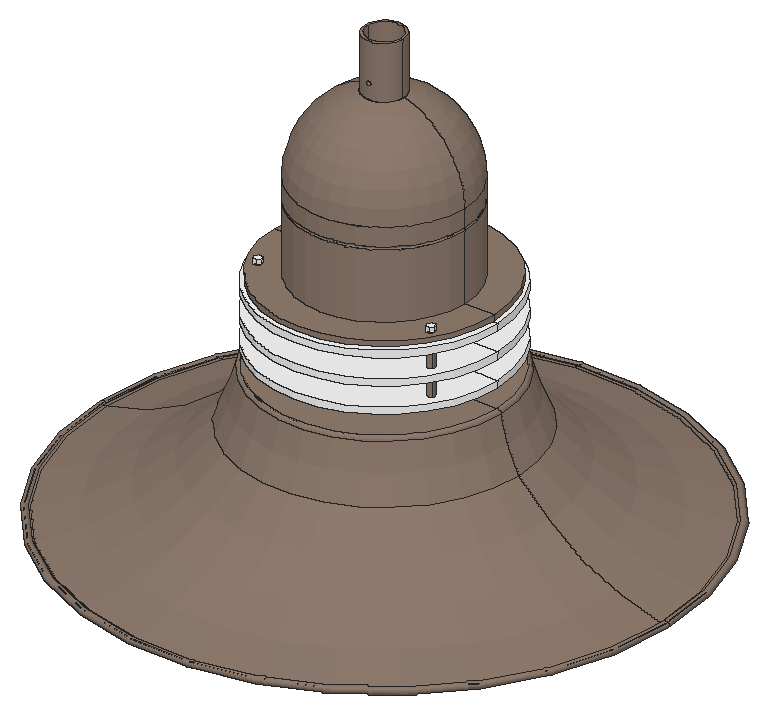
Revit family "BVF3006-H", category Generic Models, Revit 2014
Parameters
  GLASS = Glass
  FINS = Acrylic
  DETAIL 2 = Aluminum 6061-O
  DETAIL = Bronze, Architectural
  BELL = Bronze, Architectural
Reference planes (in)
  plane 1 "Center (Front/Back)": y = 0
  plane 2: z = 0
  plane 3 "Center (Left/Right)": x = 0
Forms (in)
  Revolve 1, solid, material "Bronze, Architectural" <- "BELL"
    sketch origin (0.00187, 0, 0) x (1, 0, 0) y (0, 0, 1)
      loop
        line (-0.69, 20.24004) -> (-1.0625, 20.24004)
        arc (-1.0625, 20.24004) -> (-3.35992, 18.72758) -> (-4.25, 16.125) r 4.25
        line (-4.25, 16.125) -> (-4.25, 15.1875)
        arc (-4.25, 15.1875) -> (-4.21143, 15.125) -> (-4.25, 15.0625) r 0.06992
        line (-4.25, 15.0625) -> (-4.25, 11.625) -> (-5.8125, 11.625) -> (-5.8125, 11.375) -> (-4.125, 11.375) -> (-4.125, 15.0086)
        arc (-4.125, 15.0086) -> (-4.08643, 15.125) -> (-4.125, 15.2414) r 0.19492
        line (-4.125, 15.2414) -> (-4.125, 16.125)
        arc (-4.125, 16.125) -> (-3.26592, 18.6448) -> (-1.0465, 20.11504) r 4.125
        line (-1.0465, 20.11504) -> (-0.69, 20.11504) -> (-0.69, 20.24004)
      axis (0, 20.24004) -> (0, 11.375)
    angle from 0 to 360
  Revolve 2, solid, material "Bronze, Architectural" <- "BELL"
    sketch origin (0.00187, 0, 0) x (1, 0, 0) y (0, 0, 1)
      loop
        line (-4.02812, 7.125) -> (-3.90312, 7.125) -> (-3.90312, 11.625) -> (-4.125, 11.625) -> (-4.125, 11.375) -> (-4.02812, 11.375) -> (-4.02812, 7.125)
      axis (0, 11.625) -> (0, 7.125)
    angle from 0 to 360
  Revolve 3, solid, material "Acrylic" <- "FINS"
    sketch origin (0.00187, 0, 0) x (1, 0, 0) y (0, 0, 1)
      loop
        line (-6, 11.28125) -> (-6, 10.9375) -> (-4.02812, 10.9375) -> (-4.02812, 11.28125) -> (-6, 11.28125)
      loop
        line (-6, 9.9375) -> (-6, 9.59375) -> (-4.02812, 9.59375) -> (-4.02812, 9.9375) -> (-6, 9.9375)
      loop
        line (-6, 8.59375) -> (-6, 8.25) -> (-4.02812, 8.25) -> (-4.02812, 8.59375) -> (-6, 8.59375)
      axis (0, 11.28125) -> (0, 8.25)
    angle from 0 to 360
  Revolve 4, solid, material "Bronze, Architectural" <- "DETAIL"
    sketch origin (0.00187, 0, 0) x (0.866025, 0.5, 0) y (0, 0, 1)
      loop
        line (-5.28051, 11.625) -> (-5.46801, 11.625) -> (-5.46801, 8.25) -> (-5.28051, 8.25) -> (-5.28051, 11.625)
      axis (-5.28051, 11.625) -> (-5.28051, 8.25)
    angle from 0 to 360
  Extrusion 5, solid, material "Aluminum 6061-O" <- "DETAIL 2"
    sketch origin (0.00187, 0, 0) x (0.866025, 0.5, 0) y (-0.5, 0.866025, 0)
      loop
        line (-5.09301, 0.10825) -> (-5.28051, 0.21651) -> (-5.46801, 0.10825) -> (-5.46801, -0.10825) -> (-5.28051, -0.21651) -> (-5.09301, -0.10825) -> (-5.09301, 0.10825)
    from 11.625 to 11.875
  Extrusion 6, solid, material "Aluminum 6061-O" <- "DETAIL 2"
    sketch origin (0.00187, 0, 0) x (0.866025, 0.5, 0) y (-0.5, 0.866025, 0)
      loop
        line (-5.09301, 0.10825) -> (-5.28051, 0.21651) -> (-5.46801, 0.10825) -> (-5.46801, -0.10825) -> (-5.28051, -0.21651) -> (-5.09301, -0.10825) -> (-5.09301, 0.10825)
    from 8.01314 to 8.25
  Revolve 7, solid, material "Bronze, Architectural" <- "DETAIL"
    sketch origin (0.00187, 0, 0) x (0, -1, 0) y (0, 0, 1)
      loop
        line (-5.28051, 11.625) -> (-5.46801, 11.625) -> (-5.46801, 8.25) -> (-5.28051, 8.25) -> (-5.28051, 11.625)
      axis (-5.28051, 11.625) -> (-5.28051, 8.25)
    angle from 0 to 360
  Extrusion 8, solid, material "Aluminum 6061-O" <- "DETAIL 2"
    sketch origin (0.00187, 0, 0) x (0, -1, 0) y (1, 0, 0)
      loop
        line (-5.09301, 0.10825) -> (-5.28051, 0.21651) -> (-5.46801, 0.10825) -> (-5.46801, -0.10825) -> (-5.28051, -0.21651) -> (-5.09301, -0.10825) -> (-5.09301, 0.10825)
    from 11.625 to 11.875
  Extrusion 9, solid, material "Aluminum 6061-O" <- "DETAIL 2"
    sketch origin (0.00187, 0, 0) x (0, -1, 0) y (1, 0, 0)
      loop
        line (-5.09301, 0.10825) -> (-5.28051, 0.21651) -> (-5.46801, 0.10825) -> (-5.46801, -0.10825) -> (-5.28051, -0.21651) -> (-5.09301, -0.10825) -> (-5.09301, 0.10825)
    from 8.01314 to 8.25
  Revolve 10, solid, material "Bronze, Architectural" <- "DETAIL"
    sketch origin (0.00187, 0, 0) x (-0.866025, 0.5, 0) y (0, 0, 1)
      loop
        line (-5.28051, 11.625) -> (-5.46801, 11.625) -> (-5.46801, 8.25) -> (-5.28051, 8.25) -> (-5.28051, 11.625)
      axis (-5.28051, 11.625) -> (-5.28051, 8.25)
    angle from 0 to 360
  Extrusion 11, solid, material "Aluminum 6061-O" <- "DETAIL 2"
    sketch origin (0.00187, 0, 0) x (-0.866025, 0.5, 0) y (-0.5, -0.866025, 0)
      loop
        line (-5.09301, 0.10825) -> (-5.28051, 0.21651) -> (-5.46801, 0.10825) -> (-5.46801, -0.10825) -> (-5.28051, -0.21651) -> (-5.09301, -0.10825) -> (-5.09301, 0.10825)
    from 11.625 to 11.875
  Extrusion 12, solid, material "Aluminum 6061-O" <- "DETAIL 2"
    sketch origin (0.00187, 0, 0) x (-0.866025, 0.5, 0) y (-0.5, -0.866025, 0)
      loop
        line (-5.09301, 0.10825) -> (-5.28051, 0.21651) -> (-5.46801, 0.10825) -> (-5.46801, -0.10825) -> (-5.28051, -0.21651) -> (-5.09301, -0.10825) -> (-5.09301, 0.10825)
    from 8.01314 to 8.25
  Revolve 13, solid, material "Bronze, Architectural" <- "BELL"
    sketch origin (0.00187, 0, 0) x (1, 0, 0) y (0, 0, 1)
      loop
        line (-1, 22.99004) -> (-1, 20.24004) -> (-0.875, 20.24004) -> (-0.875, 22.99004) -> (-1, 22.99004)
      axis (0, 22.99004) -> (0, 20.24004)
    angle from 0 to 360
  Extrusion 14, void
    sketch origin (0.00187, 0, 0) x (1, 0, 0) y (0, 0, 1)
      loop
        circle (0, 20.99004) r 0.12446
    from -1.03363 to 1.03523
  Revolve 15, solid, material "Bronze, Architectural" <- "BELL"
    sketch origin (0.00014, 0, -0.00054) x (1, 0, 0) y (0, 0, 1)
      loop
        arc (-5.96003, 7.25) -> (-6.08927, 7.19834) -> (-6.1473, 7.07183) r 0.1875
        arc (-6.1473, 7.07183) -> (-6.52869, 5.73864) -> (-7.10572, 4.47774) r 9.2194
        arc (-7.10572, 4.47774) -> (-10.47715, 1.64986) -> (-14.61725, 0.15885) r 12.55661
        arc (-14.61725, 0.15885) -> (-14.74655, 0.12051) -> (-14.88142, 0.11909) r 0.48713
        arc (-14.88142, 0.11909) -> (-14.90635, 0.17202) -> (-14.84784, 0.1724) r 0.03472
        line (-14.84784, 0.1724) -> (-14.74294, 0.24038)
        arc (-14.74294, 0.24038) -> (-15.01212, 0.23864) -> (-14.89742, -0.00488) r 0.15972
        arc (-14.89742, -0.00488) -> (-14.73639, -0.00431) -> (-14.58109, 0.03824) r 0.61213
        arc (-14.58109, 0.03824) -> (-10.403, 1.54832) -> (-7.00212, 4.40677) r 12.68161
        arc (-7.00212, 4.40677) -> (-6.4114, 5.69541) -> (-6.02241, 7.05858) r 9.3444
        arc (-6.02241, 7.05858) -> (-6.00559, 7.10529) -> (-5.96003, 7.125) r 0.0625
        line (-5.96003, 7.125) -> (-4.11509, 7.125) -> (-4.11509, 7.25) -> (-5.96003, 7.25)
      axis (0, 7.25) -> (0, -0.00488)
    angle from 0 to 360
  Revolve 16, solid, material "Glass" <- "GLASS"
    sketch origin (0.00014, 0, -0.00054) x (1, 0, 0) y (0, 0, 1)
      loop
        line (-8.36459, 0.18) -> (-8.36459, 0.055) -> (0, 0.055) -> (0, 0.18) -> (-8.36459, 0.18)
      axis (0, 0.18) -> (0, 0.055)
    angle from 0 to 360
  Revolve 17, solid, material "Bronze, Architectural" <- "BELL"
    sketch origin (0.00014, 0, -0.00054) x (1, 0, 0) y (0, 0, 1)
      loop
        line (-8.49009, 0.4925) -> (-9.67759, 0.4925) -> (-9.67759, 0.1175) -> (-8.61509, 0.1175) -> (-8.61509, -0.195) -> (-7.99009, -0.195) -> (-7.99009, 0.055) -> (-8.49009, 0.055) -> (-8.49009, 0.4925)
      axis (0, 0.4925) -> (0, -0.195)
    angle from 0 to 360
  Revolve 18, solid, material "Bronze, Architectural" <- "BELL"
    sketch origin (0.00014, 0, -0.00054) x (1, 0, 0) y (0, 0, 1)
      loop
        line (-9.74007, 0.68) -> (-7.99009, 0.68) -> (-7.99009, 0.75) -> (-9.80046, 0.75) -> (-9.88152, 0.2903)
        arc (-9.88152, 0.2903) -> (-9.92426, 0.21645) -> (-10.00453, 0.1875) r 0.12441
        line (-10.00453, 0.1875) -> (-14.00318, 0.1875) -> (-14.29087, 0.1175) -> (-10.00453, 0.1175)
        arc (-10.00453, 0.1175) -> (-9.87949, 0.16287) -> (-9.81263, 0.27787) r 0.195
        line (-9.81263, 0.27787) -> (-9.74007, 0.68)
      axis (0, 0.75) -> (0, 0.1175)
    angle from 0 to 360
Cuts and joins
  Extrusion 14 cuts Revolve 13
Lines and regions (in)
  model lines
    curve 1: line (-5.09114, 0, 10.9375) -> (-5.46614, 0, 10.9375)
Dimensions and locks (in)
  aligned and locked: plane 2 to level
